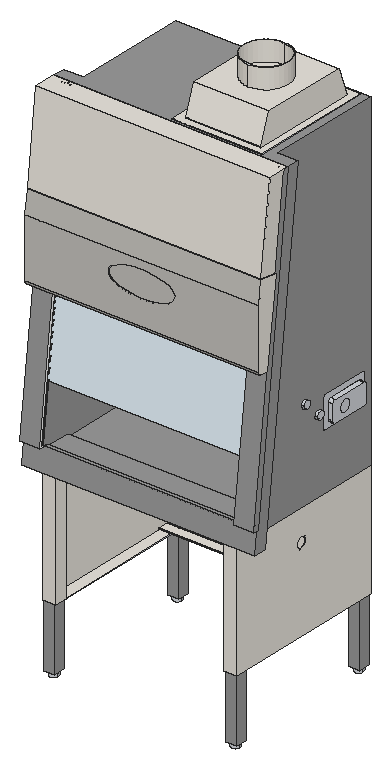
Revit family "NU-543_115V Class II Type A2 BSC", category Mechanical Equipment, Revit 2018
Family settings
  Round Connector Dimension = Use Diameter
  Part Type = Normal
  OmniClass Number = 23.75.00.00
  OmniClass Title = Climate Control (HVAC)
  Work Plane-Based = No
  Always vertical = Yes
  Cut with Voids When Loaded = No
  Shared = No
  Room Calculation Point = No
Parameters (values of type "NU-543-300")
  window width = 2' - 11 7/8"
  transition width = 1' - 1 3/8"
  transition depth = 1' - 7 1/8"
  exhaust ring inner = 0' - 3 15/16"
  exhaust door width = 1' - 1 3/16"
  crossbar = 2' - 10 9/64"
  Workzone Width = 2' - 10 3/8"
  Overall Width = 3' - 5 9/16"
  Model = "NU-543-300"
  Manufacturer = "NuAire Inc."
  Exhaust Filter Width = 1' - 0 1/2"
  Exhaust Diameter = 0' - 8"
  Exhaust Center = 1' - 1"
  Description = "115V Class II, Type A2 Biological Safety Cabinet"
  Cabinet Width = 2' - 10 9/16"
  Cabinet Height = 4' - 10 7/8"
  Cabinet Depth = 2' - 6"
Types (5): name | window width | transition width | exhaust ring inner | exhaust door width | crossbar | Workzone Width | Overall Width | Model | Exhaust Filter Width | Exhaust Diameter | Exhaust Center | Cabinet Width | Cabinet Depth
  (no name) | 2' - 11 7/8" | 1' - 1 3/8" | 0' - 3 15/16" | 1' - 1 3/16" | 2' - 10 9/64" | 2' - 10 3/8" | 3' - 5 9/16" | "NU-543-300" | 1' - 0 1/2" | 0' - 8" | 1' - 1" | 2' - 10 9/16" | 2' - 6"
  NU-543-600 | 5' - 11 7/8" | 2' - 11 3/8" | 0' - 4 15/16" | 2' - 7 3/16" | 5' - 10.1415" | 5' - 10 3/8" | 6' - 5 9/16" | "NU-543-600" | 2' - 10 1/2" | 0' - 10" | 2' - 0" | 5' - 10 9/16" | 2' - 7 3/64"
  NU-543-500 | 4' - 11 7/8" | 2' - 5 3/8" | 0' - 4 15/16" | 2' - 7 3/16" | 4' - 10 9/64" | 4' - 10 3/8" | 5' - 5 9/16" | "NU-543-500" | 2' - 4 1/2" | 0' - 10" | 1' - 9" | 4' - 10 9/16" | 2' - 6"
  NU-543-400 | 3' - 11 3/8" | 1' - 9 3/8" | 0' - 4 15/16" | 1' - 7 3/16" | 3' - 10 9/64" | 3' - 10 3/8" | 4' - 5 9/16" | "NU-543-400" | 1' - 8 1/2" | 0' - 10" | 1' - 5" | 3' - 10 9/16" | 2' - 7 7/16"
  NU-543-300 | 2' - 11 7/8" | 1' - 1 3/8" | 0' - 3 15/16" | 1' - 1 3/16" | 2' - 10 9/64" | 2' - 10 3/8" | 3' - 5 9/16" | "NU-543-300" | 1' - 0 1/2" | 0' - 8" | 1' - 1" | 2' - 10 9/16" | 2' - 6"
Reference planes (in)
  plane 1 "Center (Front/Back)": y = 0
  plane 2: z = 0
  plane 3 "Center (Left/Right)": x = 0
  plane 4: x = -17.28125
  plane 5: x = 17.28125
  plane 6: y = -30
  plane 7 "Cabinet Base": z = 32.5
  plane 8 "Cabinet Top": z = 91.375
  plane 9: x = -20.78125
  plane 10: x = 20.78125
  plane 11: z = 12
  plane 12: z = 36.5
  plane 13: z = 89.703
  plane 14: z = 0.75
  plane 15: z = 12.074
  plane 16: z = 12.25
  plane 17: z = 22.21875
  plane 18: x = -17.07031
  plane 19: x = 17.07031
  plane 20: x = -17.9375
  plane 21: x = 17.9375
  plane 22: z = 68.23219
  plane 23: x = 18.3125
  plane 24: x = 17.34375
  plane 25: z = 99.875
Forms (in)
  Extrusion 1, solid
    sketch origin (0, 0, 0) x (0, 1, 0) y (0, 0, 1)
      loop
        line (0, 32.5) -> (0, 91.375) -> (-22.77106, 91.375) -> (-30, 32.5) -> (0, 32.5)
    from -20.78125 to 20.78125
  Extrusion 2, void
    sketch origin (0, 0, 0) x (0, 1, 0) y (0, 0, 1)
      loop
        line (-20.6301, 91.375) -> (-27.85904, 32.5) -> (0, 32.5) -> (0, 91.375) -> (-20.6301, 91.375)
    from -20.78125 to -17.28125
  Extrusion 3, void
    sketch origin (0, 0, 0) x (0, 1, 0) y (0, 0, 1)
      loop
        line (-20.6301, 91.375) -> (-27.85904, 32.5) -> (0, 32.5) -> (0, 91.375) -> (-20.6301, 91.375)
    from 17.28125 to 20.78125
  Extrusion 4, void
    sketch origin (0, 0, 0) x (0, 1, 0) y (0, 0, 1)
      loop
        line (-29.50886, 36.5) -> (-28.88386, 36.5) -> (-28.88386, 36.1875) -> (-24.25886, 36.1875) -> (-24.25886, 35.6875) -> (-4.18074, 35.6875) -> (-4.18074, 63.9375) -> (-26.13996, 63.9375) -> (-29.50886, 36.5)
    from -17.1875 to 17.1875
  Extrusion 5, void
    sketch origin (0, 0, 91.375) x (1, 0, 0) y (0, -1, 0)
      loop
        line (13.98425, 2.047) -> (13.98425, 20.547) -> (1.48425, 20.547) -> (1.48425, 2.047) -> (13.98425, 2.047)
    from 0 to 1.672
  Extrusion 6, solid
    sketch origin (0, -30, 32.5) x (1, 0, 0) y (0, -1, 0)
      loop
        line (17.28125, -30) -> (17.28125, -0.29687) -> (14.96225, -0.29687) -> (14.96225, -2.54287) -> (17.13325, -2.54287) -> (17.13325, -27.754) -> (14.96225, -27.754) -> (14.96225, -30) -> (17.28125, -30)
      loop
        line (-17.28125, -30) -> (-14.96225, -30) -> (-14.96225, -27.754) -> (-17.13325, -27.754) -> (-17.13325, -2.54287) -> (-14.96225, -2.54287) -> (-14.96225, -0.29687) -> (-17.28125, -0.29687) -> (-17.28125, -30)
    from 0 to 20.5
  Extrusion 7, solid
    sketch origin (0, -30, 12) x (0, 1, 0) y (1, 0, 0)
      loop
        line (0.42187, -17.15625) -> (2.42187, -17.15625) -> (2.42187, -15.15625) -> (0.42187, -15.15625) -> (0.42187, -17.15625)
      loop
        line (0.42362, 17.15625) -> (0.42362, 15.15625) -> (2.42362, 15.15625) -> (2.42362, 17.15625) -> (0.42362, 17.15625)
      loop
        line (29.875, 17.15625) -> (27.875, 17.15625) -> (27.875, 15.15625) -> (29.875, 15.15625) -> (29.875, 17.15625)
      loop
        line (27.875, -17.15625) -> (29.875, -17.15625) -> (29.875, -15.15625) -> (27.875, -15.15625) -> (27.875, -17.15625)
    from 0 to 11.25
  Extrusion 8, solid
    sketch origin (0, -30, 0.75) x (-1, 0, 0) y (0, 1, 0)
      loop
        circle (16.15625, 1.40689) r 0.75
      loop
        circle (-16.15625, 1.42362) r 0.75
      loop
        circle (-16.15625, 28.875) r 0.75
      loop
        circle (16.15625, 28.875) r 0.75
    from 0 to 0.75
  Extrusion 9, void
    sketch origin (0, 0, 0) x (0, 1, 0) y (0, 0, 1)
      loop
        circle (-15.375, 27) r 1
    from -17.28125 to 17.28125
  Extrusion 10, solid
    sketch origin (0, -30, 12) x (0, 1, 0) y (1, 0, 0)
      loop
        line (2.54287, 17.13325) -> (2.54287, 14.96225) -> (27.754, 14.96225) -> (27.754, 17.13325) -> (2.54287, 17.13325)
      loop
        line (27.754, -14.96225) -> (2.54287, -14.96225) -> (2.54287, -17.13325) -> (27.754, -17.13325) -> (27.754, -14.96225)
    from 0 to -0.074
  Extrusion 11, solid
    sketch origin (0, 0, 0) x (0, 1, 0) y (0, 0, 1)
      loop
        line (-4.246, 22.21875) -> (-4.246, 22.09375) -> (-2.3085, 22.09375) -> (-2.3085, 12.375) -> (-4.246, 12.375) -> (-4.246, 12.25) -> (-2.246, 12.25) -> (-2.246, 22.21875) -> (-4.246, 22.21875)
    from -17.07031 to 17.07031
  Extrusion 12, solid
    sketch origin (0, 0, 0) x (0, 1, 0) y (0, 0, 1)
      loop
        line (-29.53701, 36.27075) -> (-22.77106, 91.375) -> (-23.59218, 91.375) -> (-30.34593, 36.37008) -> (-29.53701, 36.27075)
    from 17.28125 to 20.78125
  Extrusion 13, solid
    sketch origin (-20.78125, 0, 0) x (0, -1, 0) y (0, 0, 1)
      loop
        line (22.77106, 91.375) -> (29.53701, 36.27075) -> (30.34593, 36.37008) -> (23.59218, 91.375) -> (22.77106, 91.375)
    from 0 to -3.5
  Extrusion 14, void
    sketch origin (0, 0.01127, -0.00138) x (0, 1, 0) y (0, 0, 1)
      loop
        line (-29.63061, 36.53412) -> (-22.89683, 91.37638) -> (-23.3272, 91.37638) -> (-30.05459, 36.58618) -> (-29.63061, 36.53412)
    from -17.9375 to 17.9375
  Extrusion 15, solid
    sketch origin (0, 0, 0) x (0, 1, 0) y (0, 0, 1)
      loop
        line (-28.40065, 46.4582) -> (-24.84342, 75.3651) -> (-25.02951, 75.388) -> (-28.58675, 46.48105) -> (-28.40065, 46.4582)
    from -17.9375 to 17.9375
  Extrusion 16, solid
    sketch origin (0, 0, 0) x (0, 1, 0) y (0, 0, 1)
      loop
        line (-23.59218, 91.375) -> (-22.77106, 91.375) -> (-22.77106, 91.4375) -> (-26.85891, 91.4375) -> (-28.74501, 76.07644) -> (-25.51924, 75.68036) -> (-23.59218, 91.375)
      loop
        line (-25.53447, 75.5563) -> (-28.76025, 75.95237) -> (-29.24772, 71.98219) -> (-29.24772, 61.39724)
        arc (-29.24772, 61.39724) -> (-29.10651, 61.02451) -> (-28.75378, 60.83893) r 0.5625
        line (-28.75378, 60.83893) -> (-27.36251, 60.6681) -> (-25.53447, 75.5563)
    from -20.78125 to 20.78125
  Extrusion 17, void
    sketch origin (0, -29.24772, 71.98219) x (0, 0, 1) y (1, 0, 0)
      loop
        spline (-3.71919, -5.96875) -> (-3.10786, -5.76537) -> (-2.53819, -5.16909) -> (-2.049, -4.22054) -> (-1.67363, -2.98438) -> (-1.43767, -1.54483) -> (-1.35719, 0) -> (-1.43767, 1.54483) -> (-1.67363, 2.98437) -> (-2.049, 4.22054) -> (-2.53819, 5.16909) -> (-3.10786, 5.76537) -> (-3.71919, 5.96875)
        spline (-3.71919, 5.96875) -> (-4.33052, 5.76537) -> (-4.90019, 5.16909) -> (-5.38937, 4.22054) -> (-5.76474, 2.98437) -> (-6.0007, 1.54483) -> (-6.08119, 0) -> (-6.0007, -1.54483) -> (-5.76474, -2.98438) -> (-5.38937, -4.22054) -> (-4.90019, -5.16909) -> (-4.33052, -5.76537) -> (-3.71919, -5.96875)
    from 0 to 0.07687
  Extrusion 18, void
    sketch origin (0, 0, 0) x (0, 1, 0) y (0, 0, 1)
      loop
        circle (-11.846, 45.958) r 0.5
      loop
        circle (-14.842, 48.958) r 0.5
    from -17.28125 to 17.28125
  Extrusion 19, solid
    sketch origin (-0.214, 0, 0) x (0, 1, 0) y (0, 0, 1)
      loop
        arc (-10.1875, 48.25) -> (-10.36428, 48.17678) -> (-10.4375, 48) r 0.25
        line (-10.4375, 48) -> (-10.4375, 43)
        arc (-10.4375, 43) -> (-10.36428, 42.82322) -> (-10.1875, 42.75) r 0.25
        line (-10.1875, 42.75) -> (-1.6875, 42.75)
        arc (-1.6875, 42.75) -> (-1.51072, 42.82322) -> (-1.4375, 43) r 0.25
        line (-1.4375, 43) -> (-1.4375, 48)
        arc (-1.4375, 48) -> (-1.51072, 48.17678) -> (-1.6875, 48.25) r 0.25
        line (-1.6875, 48.25) -> (-10.1875, 48.25)
      loop
        arc (-9.0625, 47.375) -> (-9.41605, 47.22855) -> (-9.5625, 46.875) r 0.5
        line (-9.5625, 46.875) -> (-9.5625, 44.125)
        arc (-9.5625, 44.125) -> (-9.41605, 43.77145) -> (-9.0625, 43.625) r 0.5
        line (-9.0625, 43.625) -> (-2.8125, 43.625)
        arc (-2.8125, 43.625) -> (-2.45895, 43.77145) -> (-2.3125, 44.125) r 0.5
        line (-2.3125, 44.125) -> (-2.3125, 46.875)
        arc (-2.3125, 46.875) -> (-2.45895, 47.22855) -> (-2.8125, 47.375) r 0.5
        line (-2.8125, 47.375) -> (-9.0625, 47.375)
    from 17.49525 to 17.55775
  Extrusion 20, solid
    sketch origin (17.28125, 0, 0) x (0, 1, 0) y (0, 0, 1)
      loop
        arc (-9.0625, 47.375) -> (-9.41605, 47.22855) -> (-9.5625, 46.875) r 0.5
        line (-9.5625, 46.875) -> (-9.5625, 44.125)
        arc (-9.5625, 44.125) -> (-9.41605, 43.77145) -> (-9.0625, 43.625) r 0.5
        line (-9.0625, 43.625) -> (-2.8125, 43.625)
        arc (-2.8125, 43.625) -> (-2.45895, 43.77145) -> (-2.3125, 44.125) r 0.5
        line (-2.3125, 44.125) -> (-2.3125, 46.875)
        arc (-2.3125, 46.875) -> (-2.45895, 47.22855) -> (-2.8125, 47.375) r 0.5
        line (-2.8125, 47.375) -> (-9.0625, 47.375)
    from 0 to 1.03125
  Extrusion 21, void
    sketch origin (0, 0, 0) x (0, 1, 0) y (0, 0, 1)
      loop
        circle (-6.9375, 45.5) r 1.12448
    from 18.20767 to 18.3125
  Extrusion 22, solid
    sketch origin (1.48425, -3.8441, 96.375) x (0, -1, 0) y (1, 0, 0)
      loop
        circle (7.4684, 6.297) r 4
      loop
        circle (7.4684, 6.297) r 3.9375
    from 0 to 3.5
  Extrusion 23, solid
    sketch origin (0, 0, 91.375) x (0, -1, 0) y (1, 0, 0)
      loop
        line (1.7345, 1.04675) -> (20.8595, 1.04675) -> (20.8595, 14.42175) -> (1.7345, 14.42175) -> (1.7345, 1.04675)
      loop
        line (0.3595, -0.32825) -> (22.2345, -0.32825) -> (22.2345, 15.79675) -> (0.3595, 15.79675) -> (0.3595, -0.32825)
    from 0 to 0.0625
  Extrusion 24, solid
    sketch origin (0, 0, 0) x (0, 1, 0) y (0, 0, 1)
      loop
        line (-20.8595, 91.375) -> (-1.7345, 91.375) -> (-1.7345, 91.4375) -> (-3.5316, 96.375) -> (-19.0624, 96.375) -> (-20.8595, 91.4375) -> (-20.8595, 91.375)
    from 1.04675 to 14.42175
  Extrusion 25, solid
    sketch origin (0, -20.6301, 91.375) x (0, -0.121869, -0.992546) y (-1, 0, 0)
      loop
        circle (57.52663, 18.96723) r 0.5
    from 0 to 0.0987
  Extrusion 26, solid
    sketch origin (0, 0, 0) x (0, 1, 0) y (0, 0, 1)
      loop
        circle (-11.846, 45.958) r 0.625
      loop
        circle (-14.846, 48.954) r 0.625
    from 17.28125 to 17.9375
  Extrusion 27, solid
    sketch origin (-17.28125, 0, 0) x (0, -1, 0) y (0, 0, 1)
      loop
        circle (14.84766, 48.954) r 0.625
      loop
        circle (11.846, 45.95312) r 0.625
    from 0 to 0.65625
Cuts and joins
  Extrusion 2, Extrusion 3, Extrusion 4, Extrusion 5, Extrusion 17, Extrusion 18 cuts Extrusion 1
  Extrusion 9 cuts Extrusion 6
  Extrusion 14, Extrusion 18 cuts Extrusion 13
  Extrusion 14 cuts Extrusion 12
  Extrusion 17 cuts Extrusion 15
  Extrusion 17 cuts Extrusion 16
  Extrusion 21 cuts Extrusion 20
  joined: Extrusion 19, Extrusion 20
Dimensions and locks (in)
  equal spacing: plane 4, plane 3 "Center (Left/Right)", plane 5
  "Cabinet Width": plane 4 to plane 5
  "Cabinet Depth": plane 1 "Center (Front/Back)" to plane 6
  "Cabinet Height": plane 8 "Cabinet Top" to plane 7 "Cabinet Base"
  equal spacing: plane 10, plane 3 "Center (Left/Right)", plane 9
  "Overall Width": plane 10 to plane 9
  plane 7 "Cabinet Base" to Extrusion 1 = 4' - 10 7/8"
  locked: Extrusion 2 sketch curve to Extrusion 1 at 2.125
  Extrusion 2 to plane 7 "Cabinet Base" = 4' - 10 7/8"
  locked: cut or joined group of Extrusion 1, Extrusion 2, Extrusion 3, Extrusion 4, Extrusion 5, Extrusion 17, Extrusion 18 to Extrusion 3 sketch curve at 2.125
  Extrusion 3 to plane 7 "Cabinet Base" = 4' - 10 7/8"
  plane 7 "Cabinet Base" to level = 2' - 8 1/2"
  equal spacing: cut or joined group of Extrusion 1, Extrusion 2, Extrusion 3, Extrusion 4, Extrusion 5, Extrusion 17, Extrusion 18, plane 3 "Center (Left/Right)", cut or joined group of Extrusion 1, Extrusion 2, Extrusion 3, Extrusion 4, Extrusion 5, Extrusion 17, Extrusion 18
  "Workzone Width": cut or joined group of Extrusion 1, Extrusion 2, Extrusion 3, Extrusion 4, Extrusion 5, Extrusion 17, Extrusion 18 to cut or joined group of Extrusion 1, Extrusion 2, Extrusion 3, Extrusion 4, Extrusion 5, Extrusion 17, Extrusion 18
  locked: Extrusion 5 sketch curve to plane 5 at 3.297
  "Exhaust Filter Width": Extrusion 5 sketch curve to Extrusion 5 sketch curve
  locked: Extrusion 5 sketch curve to plane 1 "Center (Front/Back)" at 2.047
  Extrusion 5 sketch curve to Extrusion 5 sketch curve = 1' - 6 1/2"
  locked: Extrusion 6 to Extrusion 7 sketch curve at 0.125
  locked: Extrusion 7 sketch curve to Extrusion 6 at 0.125  (x4)
  Extrusion 7 sketch curve to Extrusion 7 sketch curve = 0' - 2"  (x8)
  Extrusion 6 to Extrusion 7 sketch curve = 0' - 0 1/8"  (x2)
  Extrusion 6 to Extrusion 7 sketch curve = 0' - 0.12674"
  Extrusion 8 sketch curve to Extrusion 7 = 0' - 1"  (x2)
  Extrusion 7 to Extrusion 8 sketch curve = 0' - 0.98502"
  Extrusion 7 to Extrusion 8 sketch curve = 0' - 1"  (x5)
  Extrusion 6 to Extrusion 9 sketch curve = 0' - 5 1/2"
  Extrusion 6 to Extrusion 9 sketch curve = 1' - 3 3/8"
  equal spacing: plane 19, plane 3 "Center (Left/Right)", plane 18
  "crossbar": plane 19 to plane 18
  cut or joined group of Extrusion 1, Extrusion 2, Extrusion 3, Extrusion 4, Extrusion 5, Extrusion 17, Extrusion 18 to Extrusion 12 sketch curve = 0' - 0.815"
  Extrusion 13 to Extrusion 14 sketch curve = 0' - 0.11365"
  Extrusion 14 sketch curve to Extrusion 14 sketch curve = 0' - 0.42716"
  Extrusion 13 to Extrusion 14 sketch curve = 0' - 0 1/4"
  equal spacing: plane 21, plane 3 "Center (Left/Right)", plane 20
  "window width": plane 21 to plane 20
  cut or joined group of Extrusion 13, Extrusion 14, Extrusion 18 to Extrusion 15 sketch curve to Extrusion 15 sketch curve = 0' - 10", 2' - 5 1/8" locked
  equal spacing: Extrusion 15, plane 3 "Center (Left/Right)", Extrusion 15
  "window width": Extrusion 15 to Extrusion 15
  locked: Extrusion 16 sketch curve to Extrusion 16 sketch curve at 15
  locked: Extrusion 16 sketch curve to Extrusion 16 sketch curve at 4
  Extrusion 16 sketch curve to Extrusion 16 sketch curve = 2' - 6 15/16"
  equal spacing: Extrusion 16, plane 3 "Center (Left/Right)", Extrusion 16
  "Overall Width": Extrusion 16 to Extrusion 16
  equal spacing: plane 10, Extrusion 17 sketch curve, plane 9
  Extrusion 18 sketch curve to cut or joined group of Extrusion 1, Extrusion 2, Extrusion 3, Extrusion 4, Extrusion 5, Extrusion 17, Extrusion 18 = 1' - 2.842"
  Extrusion 18 sketch curve to cut or joined group of Extrusion 6, Extrusion 9 = 1' - 1.458"
  Extrusion 18 sketch curve to cut or joined group of Extrusion 6, Extrusion 9 = 1' - 4.458"
  Extrusion 19 sketch curve to cut or joined group of Extrusion 1, Extrusion 2, Extrusion 3, Extrusion 4, Extrusion 5, Extrusion 17, Extrusion 18 = 0' - 1 7/16"
  Extrusion 19 sketch curve to Extrusion 19 sketch curve = 0' - 9"
  Extrusion 19 sketch curve to cut or joined group of Extrusion 6, Extrusion 9 = 0' - 10 1/4"
  Extrusion 19 sketch curve to Extrusion 19 sketch curve = 0' - 5 1/2"
  Extrusion 19 sketch curve to Extrusion 19 sketch curve = 0' - 3 3/4"
  Extrusion 19 sketch curve to Extrusion 19 sketch curve = 0' - 7 1/4"
  Extrusion 19 sketch curve to Extrusion 19 sketch curve = 0' - 0 7/8"
  plane 10 to plane 23 to cut or joined group of Extrusion 1, Extrusion 2, Extrusion 3, Extrusion 4, Extrusion 5, Extrusion 17, Extrusion 18 = 0' - 2 15/32" locked, 0' - 1 1/32" locked
  Extrusion 21 sketch curve to cut or joined group of Extrusion 6, Extrusion 9 = 1' - 1"
  Extrusion 21 sketch curve to cut or joined group of Extrusion 1, Extrusion 2, Extrusion 3, Extrusion 4, Extrusion 5, Extrusion 17, Extrusion 18 = 0' - 6 15/16"
  plane 23 to plane 24 to cut or joined group of Extrusion 19, Extrusion 20, Extrusion 21 = 0' - 0 31/32" locked, 0' - 0 1/16" locked
  locked: cut or joined group of Extrusion 19, Extrusion 20, Extrusion 21 to cut or joined group of Extrusion 19, Extrusion 20, Extrusion 21 at 0.10483
  locked: cut or joined group of Extrusion 1, Extrusion 2, Extrusion 3, Extrusion 4, Extrusion 5, Extrusion 17, Extrusion 18 to plane 23 at 1.03125
  "Exhaust Center": Extrusion 22 sketch curve to cut or joined group of Extrusion 1, Extrusion 2, Extrusion 3, Extrusion 4, Extrusion 5, Extrusion 17, Extrusion 18
  cut or joined group of Extrusion 1, Extrusion 2, Extrusion 3, Extrusion 4, Extrusion 5, Extrusion 17, Extrusion 18 to Extrusion 22 sketch curve = 0' - 11 5/16"
  "transition width": Extrusion 23 sketch curve to Extrusion 23 sketch curve
  "transition depth": Extrusion 23 sketch curve to Extrusion 23 sketch curve
  locked: Extrusion 23 sketch curve to cut or joined group of Extrusion 1, Extrusion 2, Extrusion 3, Extrusion 4, Extrusion 5, Extrusion 17, Extrusion 18 at 0.3125
  cut or joined group of Extrusion 1, Extrusion 2, Extrusion 3, Extrusion 4, Extrusion 5, Extrusion 17, Extrusion 18 to Extrusion 23 sketch curve = 0' - 0 7/16"
  locked: Extrusion 23 sketch curve to cut or joined group of Extrusion 1, Extrusion 2, Extrusion 3, Extrusion 4, Extrusion 5, Extrusion 17, Extrusion 18 at 0.4375
  locked: Extrusion 23 sketch curve to Extrusion 23 sketch curve at 1.375  (x3)
  locked: Extrusion 23 sketch curve to Extrusion 23 sketch curve at 21.875
  Extrusion 25 sketch curve to cut or joined group of Extrusion 1, Extrusion 2, Extrusion 3, Extrusion 4, Extrusion 5, Extrusion 17, Extrusion 18 = 0' - 1.79051"
  cut or joined group of Extrusion 1, Extrusion 2, Extrusion 3, Extrusion 4, Extrusion 5, Extrusion 17, Extrusion 18 to Extrusion 25 sketch curve = 0' - 1.81402"
  Extrusion 18 sketch curve to cut or joined group of Extrusion 1, Extrusion 2, Extrusion 3, Extrusion 4, Extrusion 5, Extrusion 17, Extrusion 18 = 0' - 11.846"
  Extrusion 26 sketch curve to cut or joined group of Extrusion 6, Extrusion 9 = 1' - 1.458"
  Extrusion 26 sketch curve to cut or joined group of Extrusion 6, Extrusion 9 = 1' - 4.454"
  Extrusion 26 sketch curve to cut or joined group of Extrusion 1, Extrusion 2, Extrusion 3, Extrusion 4, Extrusion 5, Extrusion 17, Extrusion 18 = 0' - 11.846"
  Extrusion 26 sketch curve to cut or joined group of Extrusion 1, Extrusion 2, Extrusion 3, Extrusion 4, Extrusion 5, Extrusion 17, Extrusion 18 = 1' - 2.846"
  Extrusion 27 sketch curve to cut or joined group of Extrusion 6, Extrusion 9 = 1' - 1 29/64"
  Extrusion 27 sketch curve to cut or joined group of Extrusion 6, Extrusion 9 = 1' - 4.454"
  cut or joined group of Extrusion 1, Extrusion 2, Extrusion 3, Extrusion 4, Extrusion 5, Extrusion 17, Extrusion 18 to Extrusion 27 sketch curve = 0' - 11.846"
  cut or joined group of Extrusion 1, Extrusion 2, Extrusion 3, Extrusion 4, Extrusion 5, Extrusion 17, Extrusion 18 to Extrusion 27 sketch curve = 1' - 2 217/256"
  "Exhaust Diameter": diameter of Extrusion 22 sketch curve
  "exhaust ring inner": radius of Extrusion 22 sketch curve
  locked: plane 6 to Extrusion 1 sketch curve (angle 7.00°)
  aligned and locked: level to plane 2
  aligned and locked: plane 1 "Center (Front/Back)" to Extrusion 1 sketch curve
  aligned and locked: plane 8 "Cabinet Top" to Extrusion 1 sketch curve
  aligned and locked: plane 7 "Cabinet Base" to Extrusion 1 sketch curve
  aligned and locked: Extrusion 1 to plane 9
  aligned and locked: Extrusion 1 to plane 10
  aligned and locked: Extrusion 2 sketch curve to Extrusion 1  (x3)
  aligned and locked: Extrusion 2 to plane 9
  aligned and locked: plane 4 to Extrusion 2
  aligned and locked: cut or joined group of Extrusion 1, Extrusion 2, Extrusion 3, Extrusion 4, Extrusion 5, Extrusion 17, Extrusion 18 to Extrusion 3 sketch curve  (x2)
  aligned and locked: Extrusion 3 sketch curve to cut or joined group of Extrusion 1, Extrusion 2, Extrusion 3, Extrusion 4, Extrusion 5, Extrusion 17, Extrusion 18
  aligned and locked: Extrusion 3 to plane 10
  aligned and locked: Extrusion 3 to plane 5
  aligned and locked: Extrusion 5 to plane 13
  aligned and locked: Extrusion 6 to plane 11
  aligned and locked: Extrusion 6 to plane 7 "Cabinet Base"
  aligned and locked: plane 14 to Extrusion 7
  aligned and locked: Extrusion 8 to level
  aligned and locked: plane 5 to Extrusion 9
  aligned and locked: Extrusion 9 to plane 4
  aligned and locked: Extrusion 10 sketch curve to cut or joined group of Extrusion 6, Extrusion 9  (x8)
  aligned and locked: plane 15 to Extrusion 10
  aligned and locked: Extrusion 11 to plane 18
  aligned and locked: plane 19 to Extrusion 11
  aligned and locked: plane 8 "Cabinet Top" to Extrusion 12 sketch curve
  aligned and locked: Extrusion 12 to plane 10
  aligned and locked: Extrusion 12 to plane 5
  aligned and locked: plane 8 "Cabinet Top" to Extrusion 13 sketch curve
  aligned and locked: cut or joined group of Extrusion 1, Extrusion 2, Extrusion 3, Extrusion 4, Extrusion 5, Extrusion 17, Extrusion 18 to Extrusion 13 sketch curve
  aligned and locked: Extrusion 13 sketch curve to Extrusion 12  (x2)
  aligned and locked: plane 4 to Extrusion 13
  aligned and locked: Extrusion 14 to plane 20
  aligned and locked: Extrusion 14 to plane 21
  aligned and locked: Extrusion 14 to plane 8 "Cabinet Top"
  aligned and locked: plane 5 to Extrusion 18
  aligned and locked: Extrusion 18 to plane 4
  aligned and locked: Extrusion 19 to plane 5
  aligned and locked: Extrusion 19 to Extrusion 20 sketch curve  (x4)
  aligned and locked: Extrusion 20 to plane 23
  aligned and locked: Extrusion 21 to plane 23
  aligned and locked: Extrusion 20 to plane 5
  aligned and locked: Extrusion 19 to plane 24
  aligned and locked: plane 25 to Extrusion 22
  aligned and locked: cut or joined group of Extrusion 16, Extrusion 17 to Extrusion 23
  aligned and locked: Extrusion 24 sketch curve to Extrusion 23  (x3)
  aligned and locked: Extrusion 24 to Extrusion 23  (x2)
  aligned and locked: Extrusion 22 to Extrusion 24
  aligned and locked: Extrusion 26 to plane 5
  aligned and locked: Extrusion 27 to plane 20
  aligned and locked: plane 21 to Extrusion 26
Automatic sketch dimensions
  Extrusion 1 sketch curve to plane 6 = 0' - 0"
  plane 12 to Extrusion 4 sketch curve = 0' - 0"
  plane 6 to Extrusion 4 sketch curve = 0' - 0.49114"
  plane 12 to Extrusion 4 sketch curve = 0' - 0 5/16"
  Extrusion 4 sketch curve to Extrusion 4 sketch curve = 0' - 0 5/8"
  plane 6 to Extrusion 4 sketch curve = 0' - 3.86004"
  plane 12 to Extrusion 4 sketch curve = 0' - 0 13/16"
  Extrusion 4 sketch curve to Extrusion 4 sketch curve = 0' - 4 5/8"
  plane 1 "Center (Front/Back)" to Extrusion 4 sketch curve = 0' - 4.18074"
  Extrusion 4 sketch curve to plane 13 = 2' - 1.7655"
  Extrusion 1 to Extrusion 6 sketch curve = 0' - 0"  (x2)
  Extrusion 6 sketch curve to Extrusion 1 = 0' - 3 1/2"
  Extrusion 6 sketch curve to Extrusion 6 sketch curve = 0' - 0.148"  (x2)
  Extrusion 6 sketch curve to Extrusion 6 sketch curve = 0' - 2.171"  (x3)
  Extrusion 1 to Extrusion 6 sketch curve = 0' - 2.246"  (x2)
  Extrusion 6 sketch curve to Extrusion 1 = 0' - 5.819"  (x2)
  Extrusion 6 sketch curve to Extrusion 1 = 0' - 0 19/64"  (x2)
  Extrusion 6 sketch curve to Extrusion 6 sketch curve = 0' - 2.246"  (x2)
  Extrusion 11 sketch curve to plane 17 = 0' - 0"
  Extrusion 11 sketch curve to plane 16 = 0' - 0"
  plane 1 "Center (Front/Back)" to Extrusion 11 sketch curve = 0' - 4.246"  (x2)
  plane 16 to Extrusion 11 sketch curve = 0' - 0 1/8"
  Extrusion 11 sketch curve to Extrusion 11 sketch curve = 0' - 1 15/16"
  Extrusion 11 sketch curve to Extrusion 11 sketch curve = 0' - 0 1/16"
  Extrusion 11 sketch curve to Extrusion 11 sketch curve = 0' - 0 1/8"
  plane 6 to Extrusion 12 sketch curve = 0' - 0.46299"
  Extrusion 12 sketch curve to plane 6 = 0' - 0.34593"
  plane 8 "Cabinet Top" to Extrusion 14 sketch curve = 0' - 0"
  Extrusion 15 sketch curve to Extrusion 15 sketch curve = 0' - 0.1861"
  plane 6 to Extrusion 15 sketch curve = 0' - 1.41325"
  plane 6 to Extrusion 15 sketch curve = 0' - 4.97049"
  level to Extrusion 15 sketch curve = 6' - 3.3651"
  plane 8 "Cabinet Top" to Extrusion 16 sketch curve = 0' - 0"
  Extrusion 16 sketch curve to Extrusion 16 sketch curve = 0' - 0.01523"  (x2)
  Extrusion 16 sketch curve to Extrusion 16 sketch curve = 0' - 1.39126"
  Extrusion 16 sketch curve to plane 8 "Cabinet Top" = 0' - 0 1/16"
  Extrusion 16 sketch curve to Extrusion 16 sketch curve = 0' - 0.82112"
  Extrusion 16 sketch curve to Extrusion 16 sketch curve = 0' - 0.12407"
  plane 6 to Extrusion 16 sketch curve = 0' - 0.75228"
  plane 6 to Extrusion 16 sketch curve = 0' - 1.23975"
  Extrusion 16 sketch curve to Extrusion 16 sketch curve = 0' - 0.49395"
  plane 6 to Extrusion 16 sketch curve = 0' - 3.14109"
  Extrusion 17 sketch curve to Extrusion 16 = 0' - 3.71919"
  Extrusion 17 sketch curve to Extrusion 17 sketch curve = 0' - 5 31/32"
  Extrusion 19 sketch curve to Extrusion 19 sketch curve = 0' - 0 1/4"  (x4)
  Extrusion 19 sketch curve to Extrusion 19 sketch curve = 0' - 0 5/8"
  Extrusion 19 sketch curve to Extrusion 19 sketch curve = 0' - 0 1/2"  (x4)
  Extrusion 20 sketch curve to Extrusion 20 sketch curve = 0' - 0 1/2"  (x4)
  Extrusion 24 sketch curve to plane 25 = 0' - 3 1/2"
  Extrusion 24 sketch curve to Extrusion 24 sketch curve = 0' - 1.7971"
  plane 1 "Center (Front/Back)" to Extrusion 24 sketch curve = 0' - 3.5316"
  Extrusion 24 sketch curve to plane 8 "Cabinet Top" = 0' - 0 1/16"  (x2)
  Extrusion 22 sketch curve to Extrusion 22 sketch curve = 0' - 0"  (x2)
  radius of Extrusion 8 sketch curve = 0' - 0 3/4"  (x4)
  radius of Extrusion 9 sketch curve = 0' - 1"
  radius of Extrusion 18 sketch curve = 0' - 0 1/2"  (x2)
  radius of Extrusion 21 sketch curve = 0' - 1.12448"
  radius of Extrusion 25 sketch curve = 0' - 0 1/2"
  radius of Extrusion 26 sketch curve = 0' - 0 5/8"  (x2)
  radius of Extrusion 27 sketch curve = 0' - 0 5/8"  (x2)
Connectors (in)
  hvac at (7.78125, -11.3125, 99.875), driven by "Exhaust Diameter"
    settings: on Extrusion 22, index 1, duct flow 0 CFM, flow factor 0, pres drop 0.00 in-wg, loss coef 0, conn angle 0.00°, conn width 12", conn height 12", conn diameter 8", duct sys type 3, conn prof type 0, flow config 0, flow direction 2, loss method 0, conn ref index -1, conn util no, is conn primary yes, conn desc ""
  piping at (17.9375, -11.846, 45.958), diameter 0.875
    settings: on Extrusion 26, index 2, connector inside diameter 24", connector length 0' - 0", flow factor 0, pipe flow 0 GPM, pressure drop 0.00 psi, fitting loss kfactor 0, connector angle 0.00°, fixture units 0, engagement length 0' - 0", angle of deflection 0.00°, flow configuration 0, flow direction 1, fitting loss method 0, system type 28, joint type 0, gender type 0, connector reference index -1, connector utility 0, adjustable connector no, is connector primary yes, connector description ""
  piping at (17.9375, -14.846, 48.954), diameter 0.875
    settings: on Extrusion 26, index 3, connector inside diameter 24", connector length 0' - 0", flow factor 0, pipe flow 0 GPM, pressure drop 0.00 psi, fitting loss kfactor 0, connector angle 0.00°, fixture units 0, engagement length 0' - 0", angle of deflection 0.00°, flow configuration 0, flow direction 0, fitting loss method 0, system type 28, joint type 0, gender type 0, connector reference index -1, connector utility 0, adjustable connector no, is connector primary no, connector description ""
  electrical at (-18.96723, -27.54287, 34.26514)
    settings: on Extrusion 25, index 4, voltage 115 V, apparent load 0 VA, apparent load phase1 0 VA, apparent load phase2 0 VA, apparent load phase3 0 VA, power factor 1, load classification "Power", number of poles 2, system type 31, power factor state 1, is connector primary yes, connector utility yes, sub classification motor no, connector description ""
